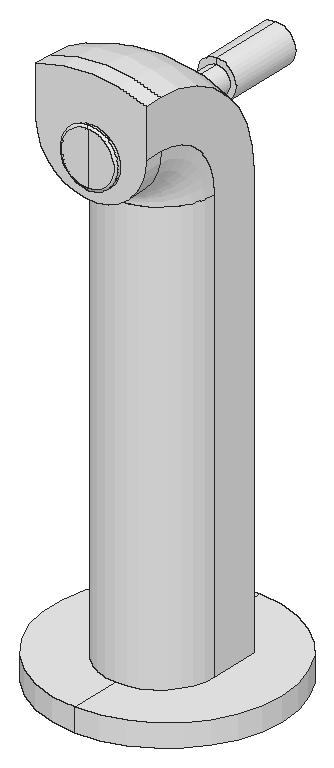
Revit family "Spout-Grohe-Defined-26637_Series", category Plumbing Fixtures, host Face, Revit 2019
Family settings
  Host = Face
  Round Connector Dimension = Use Diameter
  Part Type = Normal
  OmniClass Number = 23.45.05.14.21.11
  OmniClass Title = Bath/Shower Units
  Cut with Voids When Loaded = No
  Shared = Yes
  Room Calculation Point = No
Parameters (values of type "26637000")
  Width = 3 1/8"  # constant formula
  Waste Connection = no
  Warranty Information = "Limited lifetime warranty"  # constant formula
  WFU = 4  # constant formula
  Vent Connection = no
  URL = "https://www.grohe.us/"
  Type Comments = ""
  Tempered Water Connection = yes
  Tempered Connection Radius = Tempered Connection Diameter / 2  # 1/4"
  Tempered Connection Diameter = 1/2"  # constant formula
  Revised Date = "06/06/2023"  # constant formula
  Product Page URL = "https://www.grohe.us/Tub-Fillers/Diverter-Tub-Spout/GROHE-CHROME-26637000"
  Product Documentation Link = "https://americanstandard.box.com/shared/static/ipggj2o3dojkz0ostl0rzwsxdc46hnzo.pdf"
  Model = "26637000"
  Material = "Brass-Grohe-000-Starlight Chrome"
  Manufacturer = "Grohe"  # constant formula
  Length = 7 7/8"  # constant formula
  Installation Type = "Wall Mounted"  # constant formula
  Height = 3 3/16"  # constant formula
  HWFU = 3  # constant formula
  HW Connection = no
  Finish = Brass-Grohe-000-Starlight Chrome
  Description = "DEFINED Diverter Tub Spout Starlight Chrome"
  Default Elevation = 21"  # constant formula
  Creation Date = "03/05/2019"  # constant formula
  CWFU = 3  # constant formula
  CW Connection = no
  Assembly Code = "D2020300"
Types (3): name | Product Page URL | Model | Material | Finish | Description
  (no name) | "https://www.grohe.us/Tub-Fillers/Diverter-Tub-Spout/GROHE-CHROME-26637000" | "26637000" | "Brass-Grohe-000-Starlight Chrome" | Brass-Grohe-000-Starlight Chrome | "DEFINED Diverter Tub Spout Starlight Chrome"
  26637000 | "https://www.grohe.us/Tub-Fillers/Diverter-Tub-Spout/GROHE-CHROME-26637000" | "26637000" | "Brass-Grohe-000-Starlight Chrome" | Brass-Grohe-000-Starlight Chrome | "DEFINED Diverter Tub Spout Starlight Chrome"
  26637EN0 | "https://www.grohe.us/Tub-Fillers/Diverter-Tub-Spout/GROHE-BRUSHED-NICKEL-26637EN0" | "26637EN0" | "Brass-Grohe-EN0-Brushed Nickel" | Brass-Grohe-EN0-Brushed Nickel | "DEFINED Diverter Tub Spout Brushed Nickel"
Reference planes (in)
  plane 1 "Center (Front/Back)": y = 0
  plane 2: z = 0
  plane 3 "Center (Left/Right)": x = 0
  plane 4: x = 1.375
  plane 5: y = 1.5625
  plane 6: y = -1.5625
  plane 7: x = -1.375
  plane 8: z = 7.875
  plane 9: z = 0.3125
  plane 10: y = 1.83873
  plane 11: y = -1.34877
  plane 12: z = 6.875
Forms (in)
  Sweep 1, solid, material "Brass-Grohe-000-Starlight Chrome" <- "Finish"
    path origin (0, 0, 0) x (0, 1, 0) y (0, 0, 1)
      loop
        line (0, 0.29528) -> (0, 6.16801)
        arc (0, 6.16801) -> (-0.30574, 6.90613) -> (-1.04385, 7.21186) r 1.04385
        line (-1.04385, 7.21186) -> (-1.28627, 7.21186)
    profile origin (0, 0, 3.23164) x (0, -1, 0) y (1, 0, 0)
      loop
        arc (0.12704, -0.75) -> (0.87704, 0) -> (0.12704, 0.75) r 0.75
        line (0.12704, 0.75) -> (-0.52965, 0.75)
        arc (-0.52965, 0.75) -> (-0.66728, 0) -> (-0.52965, -0.75) r 2.11239
        line (-0.52965, -0.75) -> (0.12704, -0.75)
  Revolve 2, solid, material "Brass-Grohe-000-Starlight Chrome" <- "Finish"
    sketch origin (0, 0, 0) x (0, 1, 0) y (0, 0, 1)
      loop
        line (0, 0.3125) -> (0, 0) -> (1.5625, 0) -> (1.5625, 0.3125) -> (0, 0.3125)
      axis (0, 0.3125) -> (0, 0)
    angle from 0 to 360
  Revolve 3, solid, material "Brass-Grohe-000-Starlight Chrome" <- "Finish"
    sketch origin (0, 0.28125, 0) x (0, 1, 0) y (0, 0, 1)
      loop
        line (-1.56752, 7.26376) -> (-1.60224, 7.26376)
        arc (-1.60224, 7.26376) -> (-1.62188, 7.25563) -> (-1.63002, 7.23599) r 0.02778
        line (-1.63002, 7.23599) -> (-1.63002, 6.875) -> (-1.56752, 6.875) -> (-1.56752, 7.26376)
      axis (-1.56752, 6.875) -> (-1.63002, 6.875)
    angle from 0 to 360
  Revolve 4, solid, material "Brass-Grohe-000-Starlight Chrome" <- "Finish"
    sketch origin (0, 0, 0) x (0, 1, 0) y (0, 0, 1)
      loop
        line (1.83873, 6.875) -> (1.83873, 7.13885) -> (0.83873, 7.13885) -> (0.83873, 7.05458) -> (0, 7.05458) -> (0, 6.875) -> (1.83873, 6.875)
      axis (1.83873, 6.875) -> (0, 6.875)
    angle from 0 to 360
Cuts and joins
  joined: Sweep 1, Revolve 2, Revolve 3, Revolve 4
Lines and regions (in)
  Masking region 1
    outline origin (0, 0, 0) x (1, 0, 0) y (0, 0, 1)
      loop
        line (1.56492, 0) -> (1.56492, 0.3125) -> (0.75, 0.3125) -> (0.75, 7.73496)
        arc (0.75, 7.73496) -> (0, 7.87914) -> (-0.75, 7.73496) r 2.02271
        line (-0.75, 7.73496) -> (-0.75, 0.3125) -> (-1.56212, 0.3125) -> (-1.56212, 0) -> (1.56492, 0)
  symbolic lines, style "PlumbingFixtures", detail levels medium+fine
    curve 1: line (0.75, 0, 0.3125) -> (-0.75, 0, 0.3125)
  symbolic lines, detail levels medium+fine
    curve 2: circle (0, 0, 6.875) r 0.26385 normal (0, -1, 0)
Dimensions and locks (in)
  "Length": plane 8 to level
  equal spacing: plane 5, plane 1 "Center (Front/Back)", plane 6
  "Width": plane 5 to plane 6
  locked: plane 9 to host face at 0.3125
  plane 12 to host face = 6 7/8"
  "Height": plane 10 to plane 11
  locked: Revolve 4 sketch curve to plane 10 at 1
  aligned and locked: plane 2 to host face
  aligned and locked: level to host face
  aligned and locked: plane 1 "Center (Front/Back)" to Revolve 2 sketch curve  (x2)
  aligned and locked: plane 9 to Revolve 2 sketch curve
  aligned and locked: Revolve 2 sketch curve to plane 5
  aligned and locked: host face to Revolve 2 sketch curve
  aligned and locked: plane 12 to Revolve 3 sketch curve
  aligned and locked: curve 1 to Revolve 2
  aligned and locked: Sweep 1 to curve 1  (x2)
  aligned and locked: Revolve 4 sketch curve to plane 10
  aligned and locked: plane 12 to Revolve 4 sketch curve  (x2)
  aligned and locked: Revolve 4 sketch curve to plane 1 "Center (Front/Back)"
  aligned and locked: curve 2 to cut or joined group of Sweep 1, Revolve 2, Revolve 3, Revolve 4
Automatic sketch dimensions
  host sketch curve to host sketch curve = 96"  (x2)
  Revolve 2 sketch curve to Revolve 2 sketch curve = 0.33348"
  Revolve 2 sketch curve to Revolve 2 sketch curve = 1/4"
  Revolve 3 sketch curve to plane 11 = 0"
  plane 12 to Revolve 3 sketch curve = 0"
  plane 6 to Revolve 3 sketch curve = 0.24151"
  plane 6 to Revolve 3 sketch curve = 0.27623"
  plane 12 to Revolve 3 sketch curve = 0.36099"
  Revolve 3 sketch curve to Revolve 3 sketch curve = 0.04678"
  Revolve 3 sketch curve to Revolve 3 sketch curve = 0.05781"
  Sweep 1 sketch curve to plane 3 "Center (Left/Right)" = 0"  (x2)
  Sweep 1 sketch curve to profile plane = 0.12704"
  Sweep 1 sketch curve to Sweep 1 sketch curve = 1.31807"
  Sweep 1 sketch curve to Sweep 1 sketch curve = 3/4"
  profile plane to Sweep 1 sketch curve = 0.52965"
  Masking region 1 sketch curve to level = 0"
  Masking region 1 sketch curve to plane 9 = 0"  (x2)
  Masking region 1 sketch curve to plane 3 "Center (Left/Right)" = 0"
  Masking region 1 sketch curve to plane 8 = 0.14004"
  plane 7 to Masking region 1 sketch curve = 5/8"
  Masking region 1 sketch curve to plane 7 = 0.18712"
  plane 4 to Masking region 1 sketch curve = 5/8"
  Masking region 1 sketch curve to plane 4 = 0.18992"
  Masking region 1 sketch curve to plane 12 = 1.01857"
  Sweep 1 sketch curve to plane 1 "Center (Front/Back)" = 0"
  Sweep 1 sketch curve to plane 11 = 0.30491"
  Sweep 1 sketch curve to plane 12 = 0.70699"
  Sweep 1 sketch curve to plane 11 = 1/16"
  Sweep 1 sketch curve to plane 9 = 0.01722"
  plane 12 to Revolve 4 sketch curve = 0.17958"
  Revolve 4 sketch curve to Revolve 4 sketch curve = 0.26385"
  plane 1 "Center (Front/Back)" to Revolve 4 sketch curve = 1/2"
  Revolve 4 sketch curve to Revolve 4 sketch curve = 0.15278"
Connectors (in)
  piping at (0, 0, 0), diameter 0.5, driven by "Tempered Connection Diameter"
    settings: on Revolve 2, index 1, connector inside diameter 24", connector length 0", flow factor 0, pipe flow 0 GPM, pressure drop 0.00 psi, fitting loss kfactor 0, connector angle 0.00°, fixture units 0, engagement length 0", angle of deflection 0.00°, flow configuration 0, flow direction 1, fitting loss method 0, system type 29, joint type 0, gender type 0, connector reference index -1, connector utility 0, adjustable connector no, is connector primary yes, connector description "1/2\" Global Water Connection"
